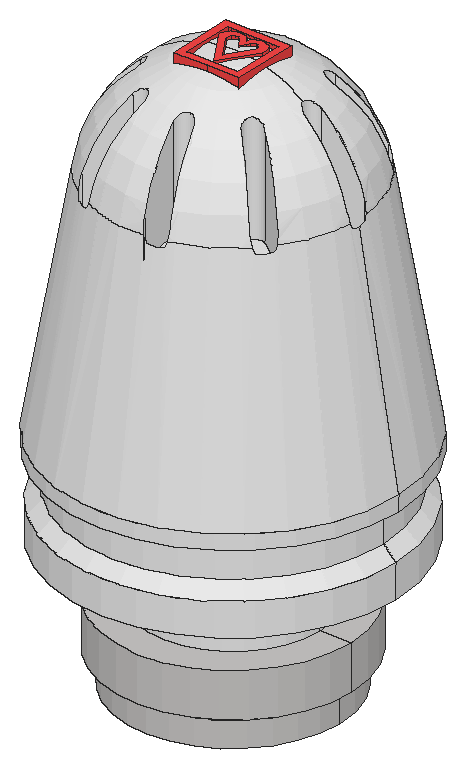
Revit family "HERZ-Thermostatkopf MINI Turbo M28x1.5 9200 16", category Rohrzubehör, Revit 2021
Family settings
  Bemaßung runder Anschluss = Durchmesser verwenden
  Teiletyp = Normal
  OmniClass-Nummer = 23.65.55.14
  OmniClass-Titel = Valves for Liquid Services
  Arbeitsebenenbasiert = Nein
  Immer vertikal = Nein
  Beim Laden mit Abzugskörper schneiden = Nein
  Gemeinsam genutzt = Nein
Parameters
  Vorgabe-Ansicht = 0 mm
  URL = "www.herz-armaturen.at"
  Thermostatkopf = "Kunststoff, weiß"  # constant formula
  Sollwertbereich = "6-28°C"  # constant formula
  S02 = 60 mm  # constant formula
  S01 = 73 mm  # constant formula
  Nullstellung = "Heizkörperthermostat mit Flüssigkeitsfühler (Hydrosensor) mit Stellung „0“, Frostsicherung einstellbar, mit Begrenzung und Blockierung des Sollwertbereiches."
  Hersteller = "HERZ Armaturen Ges.m.b.H."  # constant formula
  Funktionsweise = "Der HERZ-Thermostat dient als Fühl- und Regelelement. Durch die Volumsänderung der Flüssigkeitsfüllung im HERZ-Hydrosensor wird die Schubspindel des Ventils bewegt."
  Frostsicherung bei = 6 °C  # constant formula
  Sollwertbereich Frostsicherung = "6-28°C"  # constant formula
  Frostsicherung = "Heizkörperthermostat  mit  Flüssigkeitsfühler  (Hydrosensor)  mit  automatischer  Frostsicherung  und  Be-grenzung und Blockierung des Sollwertbereiches."
  Bestellnummer = 1920016  # constant formula
  Anwendungen = "Zur Montage auf Ventilen, die für thermostatischen Betrieb eingerichtet sind.Artikelnummern, Dimensionen und Lieferform der HERZ Ventile sind den jeweiligen Produktnormblättern zu entnehmen."
Reference planes
  plane 1 "Mitte (Vorne/hinten)": y = 0
  plane 2: z = 0
  plane 3 "Mitte (Links/rechts)": x = 0
Forms (mm)
  Revolve 1, solid, material "Kunststoff weiß", detail levels fine
    sketch origin (0, 0, 0) x (1, 0, 0) y (0, 0, 1)
      loop
        line (0, 0) -> (0, 73)
        arc (0, 73) -> (-11.397, 68.78) -> (-17.297, 58.156) r 17.5
        arc (-17.297, 58.156) -> (-20.011, 42.065) -> (-22.88, 26) r 1681.293
        line (-22.88, 26) -> (-22.88, 24) -> (-20.75, 24) -> (-20.75, 19.25) -> (-22.5, 17.5) -> (-22.5, 13) -> (-12.8, 13)
        arc (-12.8, 13) -> (-12.234, 12.766) -> (-12, 12.2) r 0.8
        line (-12, 12.2) -> (-12, 4.8) -> (-13.2, 4.8) -> (-13.2, 0) -> (0, 0)
      axis (0, 73) -> (0, 0)
    angle from 0 to 360
  Revolve 2, solid, material "Messing verzinkt", detail levels fine
    sketch origin (0, 0, 0) x (1, 0, 0) y (0, 0, 1)
      loop
        line (0, 0) -> (0, 5.5) -> (-16.35, 5.5) -> (-16.35, -0.576) -> (-14.75, -1.5) -> (-14.75, -5) -> (-13.35, -5) -> (-13.35, 0) -> (0, 0)
      axis (0, 5.5) -> (0, -5)
    angle from 0 to 360
  Extrusion 3, void
    sketch origin (0, 0, 0) x (1, 0, 0) y (0, 1, 0)
      loop
        arc (11.027, 1.298) -> (9.8, 0) -> (11.027, -1.298) r 1.3
        line (11.027, -1.298) -> (16.77, -1.62)
        arc (16.77, -1.62) -> (17.178, -1.485) -> (17.384, -1.107) r 0.586
        arc (17.384, -1.107) -> (17.453, 0.011) -> (17.382, 1.129) r 9
        arc (17.382, 1.129) -> (17.183, 1.492) -> (16.79, 1.621) r 0.564
        line (16.79, 1.621) -> (11.027, 1.298)
      loop
        line (9.282, 6.094) -> (13.904, 9.55)
        arc (13.904, 9.55) -> (14.121, 9.902) -> (14.04, 10.308) r 0.564
        arc (14.04, 10.308) -> (13.376, 11.21) -> (12.605, 12.023) r 9
        arc (12.605, 12.023) -> (12.205, 12.18) -> (11.805, 12.021) r 0.586
        line (11.805, 12.021) -> (7.613, 8.082)
        arc (7.613, 8.082) -> (7.507, 6.299) -> (9.282, 6.094) r 1.3
      loop
        arc (0.637, 11.085) -> (1.702, 9.651) -> (3.193, 10.634) r 1.3
        line (3.193, 10.634) -> (4.508, 16.234)
        arc (4.508, 16.234) -> (4.445, 16.659) -> (4.109, 16.928) r 0.586
        arc (4.109, 16.928) -> (3.02, 17.189) -> (1.907, 17.313) r 9
        arc (1.907, 17.313) -> (1.515, 17.181) -> (1.319, 16.816) r 0.564
        line (1.319, 16.816) -> (0.637, 11.085)
      loop
        line (-4.39, 10.199) -> (-6.991, 15.351)
        arc (-6.991, 15.351) -> (-7.3, 15.626) -> (-7.713, 15.617) r 0.564
        arc (-7.713, 15.617) -> (-8.717, 15.12) -> (-9.651, 14.501) r 9
        arc (-9.651, 14.501) -> (-9.875, 14.134) -> (-9.788, 13.713) r 0.586
        line (-9.788, 13.713) -> (-6.638, 8.901)
        arc (-6.638, 8.901) -> (-4.9, 8.487) -> (-4.39, 10.199) r 1.3
      loop
        arc (-10.806, 2.552) -> (-9.209, 3.352) -> (-9.918, 4.991) r 1.3
        line (-9.918, 4.991) -> (-15.204, 7.258)
        arc (-15.204, 7.258) -> (-15.634, 7.271) -> (-15.957, 6.986) r 0.586
        arc (-15.957, 6.986) -> (-16.404, 5.959) -> (-16.719, 4.884) r 9
        arc (-16.719, 4.884) -> (-16.657, 4.475) -> (-16.332, 4.219) r 0.564
        line (-16.332, 4.219) -> (-10.806, 2.552)
      loop
        line (-10.806, -2.552) -> (-16.332, -4.219)
        arc (-16.332, -4.219) -> (-16.657, -4.475) -> (-16.719, -4.884) r 0.564
        arc (-16.719, -4.884) -> (-16.404, -5.959) -> (-15.957, -6.986) r 9
        arc (-15.957, -6.986) -> (-15.634, -7.271) -> (-15.204, -7.258) r 0.586
        line (-15.204, -7.258) -> (-9.918, -4.991)
        arc (-9.918, -4.991) -> (-9.209, -3.352) -> (-10.806, -2.552) r 1.3
      loop
        arc (9.282, -6.094) -> (7.507, -6.299) -> (7.613, -8.082) r 1.3
        line (7.613, -8.082) -> (11.805, -12.021)
        arc (11.805, -12.021) -> (12.205, -12.18) -> (12.605, -12.023) r 0.586
        arc (12.605, -12.023) -> (13.376, -11.21) -> (14.04, -10.308) r 9
        arc (14.04, -10.308) -> (14.121, -9.902) -> (13.904, -9.55) r 0.564
        line (13.904, -9.55) -> (9.282, -6.094)
      loop
        line (0.637, -11.085) -> (1.319, -16.816)
        arc (1.319, -16.816) -> (1.515, -17.181) -> (1.907, -17.313) r 0.564
        arc (1.907, -17.313) -> (3.02, -17.189) -> (4.109, -16.928) r 9
        arc (4.109, -16.928) -> (4.445, -16.659) -> (4.508, -16.234) r 0.586
        line (4.508, -16.234) -> (3.193, -10.634)
        arc (3.193, -10.634) -> (1.702, -9.651) -> (0.637, -11.085) r 1.3
      loop
        arc (-4.39, -10.199) -> (-4.9, -8.487) -> (-6.638, -8.901) r 1.3
        line (-6.638, -8.901) -> (-9.788, -13.713)
        arc (-9.788, -13.713) -> (-9.875, -14.134) -> (-9.651, -14.501) r 0.586
        arc (-9.651, -14.501) -> (-8.717, -15.12) -> (-7.713, -15.617) r 9
        arc (-7.713, -15.617) -> (-7.3, -15.626) -> (-6.991, -15.351) r 0.564
        line (-6.991, -15.351) -> (-4.39, -10.199)
    from 55 to 73
Cuts and joins
  Extrusion 3 cuts Revolve 1
Lines and regions (mm)
  model lines, detail levels coarse+medium
    curve 1: line (0, 0, 0) -> (0, 0, 13)
    curve 2: line (0, -0.017, 0) -> (0, 13, 0)
    curve 3: circle (0, 0, 43) r 30 normal (0, -1, 0)
    curve 4: line (0, 0, 23) -> (0, 0, 63)
    curve 5: line (-17.5, 0, 63) -> (17.5, 0, 63)
    curve 6: circle (0, -0.017, 43) r 30 normal (1, 0, 0)
    curve 7: line (0, -0.017, 23) -> (0, -0.017, 63)
    curve 8: line (0, 17.483, 63) -> (0, -17.517, 63)
    curve 9: circle (0, 43, 0) r 30 normal (0, 0, 1)
    curve 10: line (0, 23, 0) -> (0, 63, 0)
    curve 11: line (-17.5, 63, 0) -> (17.5, 63, 0)
Dimensions and locks
  "S01": curve 3 to plane 2
  "S01": curve 6 to plane 2
  "S01": plane 1 "Mitte (Vorne/hinten)" to curve 9
  "S02": diameter of curve 3
  "S02": diameter of curve 6
  "S02": diameter of curve 9
  aligned and locked: level to plane 2
Automatic sketch dimensions
  Revolve 1 sketch curve to level = 0 mm
  Revolve 1 sketch curve to plane 3 "Mitte (Links/rechts)" = 0 mm  (x2)
  Revolve 1 sketch curve to plane 3 "Mitte (Links/rechts)" = 12 mm
  Revolve 1 sketch curve to Revolve 1 sketch curve = 0.8 mm
  Revolve 1 sketch curve to Revolve 1 sketch curve = 1.2 mm
  Revolve 1 sketch curve to Revolve 1 sketch curve = 7.95 mm
  Revolve 1 sketch curve to Revolve 1 sketch curve = 1.75 mm  (x2)
  Revolve 1 sketch curve to Revolve 1 sketch curve = 2.13 mm
  level to Revolve 1 sketch curve = 329.658 mm
  Revolve 1 sketch curve to plane 3 "Mitte (Links/rechts)" = 1676.524 mm
  level to Revolve 1 sketch curve = 4.8 mm
  Revolve 1 sketch curve to Revolve 1 sketch curve = 7.4 mm
  Revolve 1 sketch curve to Revolve 1 sketch curve = 4.5 mm
  Revolve 1 sketch curve to Revolve 1 sketch curve = 4.75 mm
  Revolve 1 sketch curve to Revolve 1 sketch curve = 2 mm
  Revolve 1 sketch curve to Revolve 1 sketch curve = 29.5 mm
  Revolve 1 sketch curve to Revolve 1 sketch curve = 17.5 mm
  Revolve 1 sketch curve to level = 366.045 mm
  Revolve 1 sketch curve to Revolve 1 sketch curve = 2141.315 mm
  Revolve 2 sketch curve to level = 0 mm
  Revolve 2 sketch curve to plane 3 "Mitte (Links/rechts)" = 0 mm  (x2)
  Revolve 2 sketch curve to level = 5 mm
  Revolve 2 sketch curve to plane 3 "Mitte (Links/rechts)" = 13.35 mm
  Revolve 2 sketch curve to Revolve 2 sketch curve = 1.4 mm
  Revolve 2 sketch curve to level = 0.576 mm
  Revolve 2 sketch curve to Revolve 2 sketch curve = 1.6 mm
  Revolve 2 sketch curve to level = 1.5 mm
  level to Revolve 2 sketch curve = 5.5 mm
  Revolve 2 sketch curve to Revolve 2 sketch curve = 361.045 mm
  Revolve 2 sketch curve to Revolve 2 sketch curve = 2208.815 mm
  plane 1 "Mitte (Vorne/hinten)" to Extrusion 3 sketch curve = 0 mm  (x2)
  Extrusion 3 sketch curve to plane 1 "Mitte (Vorne/hinten)" = 4.219 mm
  Extrusion 3 sketch curve to plane 3 "Mitte (Links/rechts)" = 16.332 mm
  plane 1 "Mitte (Vorne/hinten)" to Extrusion 3 sketch curve = 4.219 mm
  Extrusion 3 sketch curve to Extrusion 3 sketch curve = 0 mm  (x11)
  Extrusion 3 sketch curve to Extrusion 3 sketch curve = 0.163 mm  (x2)
  Extrusion 3 sketch curve to Extrusion 3 sketch curve = 0.734 mm  (x2)
  plane 1 "Mitte (Vorne/hinten)" to Extrusion 3 sketch curve = 7.258 mm
  Extrusion 3 sketch curve to Extrusion 3 sketch curve = 0.231 mm  (x2)
  Extrusion 3 sketch curve to plane 1 "Mitte (Vorne/hinten)" = 7.258 mm
  plane 1 "Mitte (Vorne/hinten)" to Extrusion 3 sketch curve = 2.552 mm
  Extrusion 3 sketch curve to Extrusion 3 sketch curve = 5.526 mm
  Extrusion 3 sketch curve to plane 1 "Mitte (Vorne/hinten)" = 2.552 mm
  Extrusion 3 sketch curve to Extrusion 3 sketch curve = 0.375 mm  (x2)
  Extrusion 3 sketch curve to Extrusion 3 sketch curve = 0.512 mm  (x2)
  Extrusion 3 sketch curve to Extrusion 3 sketch curve = 5.416 mm  (x2)
  Extrusion 3 sketch curve to Extrusion 3 sketch curve = 0.49 mm  (x2)
  Extrusion 3 sketch curve to Extrusion 3 sketch curve = 2.488 mm  (x2)
  Extrusion 3 sketch curve to Extrusion 3 sketch curve = 1.803 mm  (x2)
  Extrusion 3 sketch curve to Extrusion 3 sketch curve = 0.504 mm  (x2)
  Extrusion 3 sketch curve to Extrusion 3 sketch curve = 3.281 mm  (x2)
  Extrusion 3 sketch curve to Extrusion 3 sketch curve = 1.088 mm  (x2)
  Extrusion 3 sketch curve to Extrusion 3 sketch curve = 1.16 mm  (x2)
  Extrusion 3 sketch curve to Extrusion 3 sketch curve = 1.324 mm  (x2)
  plane 3 "Mitte (Links/rechts)" to Extrusion 3 sketch curve = 0.637 mm  (x2)
  plane 3 "Mitte (Links/rechts)" to Extrusion 3 sketch curve = 1.319 mm  (x2)
  plane 3 "Mitte (Links/rechts)" to Extrusion 3 sketch curve = 1.468 mm  (x2)
  Extrusion 3 sketch curve to Extrusion 3 sketch curve = 0.561 mm  (x2)
  Extrusion 3 sketch curve to Extrusion 3 sketch curve = 1.291 mm  (x2)
  Extrusion 3 sketch curve to Extrusion 3 sketch curve = 1.266 mm  (x2)
  Extrusion 3 sketch curve to Extrusion 3 sketch curve = 2.058 mm  (x2)
  Extrusion 3 sketch curve to Extrusion 3 sketch curve = 0.57 mm  (x2)
  Extrusion 3 sketch curve to Extrusion 3 sketch curve = 5.007 mm  (x2)
  Extrusion 3 sketch curve to Extrusion 3 sketch curve = 1.138 mm  (x2)
  Extrusion 3 sketch curve to Extrusion 3 sketch curve = 1.978 mm
  Extrusion 3 sketch curve to Extrusion 3 sketch curve = 0.89 mm  (x2)
  Extrusion 3 sketch curve to Extrusion 3 sketch curve = 0.779 mm  (x2)
  plane 1 "Mitte (Vorne/hinten)" to Extrusion 3 sketch curve = 1.298 mm
  Extrusion 3 sketch curve to Extrusion 3 sketch curve = 2.575 mm
  Extrusion 3 sketch curve to Extrusion 3 sketch curve = 0.073 mm
  Extrusion 3 sketch curve to Extrusion 3 sketch curve = 4.192 mm  (x2)
  Extrusion 3 sketch curve to Extrusion 3 sketch curve = 0.401 mm  (x2)
  Extrusion 3 sketch curve to Extrusion 3 sketch curve = 1.36 mm  (x2)
  Extrusion 3 sketch curve to Extrusion 3 sketch curve = 0.338 mm  (x2)
  plane 1 "Mitte (Vorne/hinten)" to Extrusion 3 sketch curve = 1.62 mm
  Extrusion 3 sketch curve to Extrusion 3 sketch curve = 5.743 mm
  Extrusion 3 sketch curve to plane 1 "Mitte (Vorne/hinten)" = 1.621 mm
  Extrusion 3 sketch curve to Extrusion 3 sketch curve = 0.02 mm
  Extrusion 3 sketch curve to Extrusion 3 sketch curve = 0.033 mm
  Extrusion 3 sketch curve to Extrusion 3 sketch curve = 0.032 mm
  plane 1 "Mitte (Vorne/hinten)" to Extrusion 3 sketch curve = 7.32 mm
  Extrusion 3 sketch curve to Extrusion 3 sketch curve = 6.784 mm
  Extrusion 3 sketch curve to Extrusion 3 sketch curve = 1.004 mm
  Extrusion 3 sketch curve to Extrusion 3 sketch curve = 1.581 mm  (x2)
  Extrusion 3 sketch curve to Extrusion 3 sketch curve = 1.468 mm
  Extrusion 3 sketch curve to Extrusion 3 sketch curve = 0.712 mm  (x2)
  Extrusion 3 sketch curve to Extrusion 3 sketch curve = 0.452 mm  (x2)
  Extrusion 3 sketch curve to Extrusion 3 sketch curve = 2.31 mm  (x2)
  Extrusion 3 sketch curve to Extrusion 3 sketch curve = 0.297 mm  (x2)
  Extrusion 3 sketch curve to Extrusion 3 sketch curve = 1.591 mm  (x2)
  Extrusion 3 sketch curve to Extrusion 3 sketch curve = 0.427 mm  (x2)
  Extrusion 3 sketch curve to Extrusion 3 sketch curve = 4.812 mm  (x2)
  Extrusion 3 sketch curve to Extrusion 3 sketch curve = 0.321 mm  (x2)
  Extrusion 3 sketch curve to Extrusion 3 sketch curve = 1.063 mm  (x2)
  Extrusion 3 sketch curve to Extrusion 3 sketch curve = 0.254 mm  (x2)
  Extrusion 3 sketch curve to Extrusion 3 sketch curve = 5.599 mm  (x2)
  Extrusion 3 sketch curve to Extrusion 3 sketch curve = 0.134 mm  (x2)
  Extrusion 3 sketch curve to Extrusion 3 sketch curve = 0.382 mm  (x2)
  Extrusion 3 sketch curve to Extrusion 3 sketch curve = 0.067 mm  (x2)
  Extrusion 3 sketch curve to Extrusion 3 sketch curve = 0.947 mm
  Extrusion 3 sketch curve to Extrusion 3 sketch curve = 0.539 mm  (x2)
  Extrusion 3 sketch curve to Extrusion 3 sketch curve = 1.702 mm
  Extrusion 3 sketch curve to Extrusion 3 sketch curve = 2.439 mm
  Extrusion 3 sketch curve to Extrusion 3 sketch curve = 0.54 mm  (x2)
  Extrusion 3 sketch curve to Extrusion 3 sketch curve = 0.905 mm
  Extrusion 3 sketch curve to Extrusion 3 sketch curve = 0.585 mm
  Extrusion 3 sketch curve to Extrusion 3 sketch curve = 0.564 mm
  Extrusion 3 sketch curve to Extrusion 3 sketch curve = 0.339 mm
  Extrusion 3 sketch curve to Extrusion 3 sketch curve = 1.245 mm
  Extrusion 3 sketch curve to plane 1 "Mitte (Vorne/hinten)" = 5.433 mm
  Extrusion 3 sketch curve to Extrusion 3 sketch curve = 0.661 mm
  Extrusion 3 sketch curve to Extrusion 3 sketch curve = 1.041 mm
  Extrusion 3 sketch curve to Extrusion 3 sketch curve = 4.429 mm
  Extrusion 3 sketch curve to Extrusion 3 sketch curve = 2.891 mm
  Extrusion 3 sketch curve to Extrusion 3 sketch curve = 3.456 mm
  Extrusion 3 sketch curve to plane 1 "Mitte (Vorne/hinten)" = 1.298 mm  (x2)
  plane 1 "Mitte (Vorne/hinten)" to curve 6 = 0.017 mm
  plane 1 "Mitte (Vorne/hinten)" to curve 7 = 0.017 mm
  curve 8 to curve 7 = 17.5 mm
  curve 8 to plane 1 "Mitte (Vorne/hinten)" = 17.483 mm
  curve 7 to curve 6 = 20 mm
  curve 6 to curve 8 = 20 mm
  curve 3 to plane 3 "Mitte (Links/rechts)" = 0 mm
  curve 4 to plane 3 "Mitte (Links/rechts)" = 0 mm
  curve 1 to plane 3 "Mitte (Links/rechts)" = 0 mm
  curve 1 to level = 0 mm
  curve 5 to curve 4 = 17.5 mm
  plane 3 "Mitte (Links/rechts)" to curve 5 = 17.5 mm
  curve 1 to curve 4 = 10 mm
  curve 3 to curve 5 = 20 mm
  curve 9 to plane 3 "Mitte (Links/rechts)" = 0 mm
  curve 10 to plane 3 "Mitte (Links/rechts)" = 0 mm
  curve 2 to plane 3 "Mitte (Links/rechts)" = 0 mm
  curve 11 to curve 10 = 17.5 mm
  plane 3 "Mitte (Links/rechts)" to curve 11 = 17.5 mm
  plane 1 "Mitte (Vorne/hinten)" to curve 2 = 0.017 mm
  curve 2 to curve 10 = 10 mm
  curve 9 to curve 11 = 20 mm
Nested families
  nested 1: "Herz-Logo" at (0, 0, 71.5), type "Herz-Logo", detail levels fine
Definition of nested family "Herz-Logo"
  Parameters (values of type "Herz-Logo")
    Default Elevation = 0 mm
  Reference planes
    plane 1 "Mitte (Vorne/hinten)": y = 0
    plane 2: z = 0
    plane 3 "Mitte (Links/rechts)": x = 0
  Forms (mm)
    Extrusion 1, solid
      sketch origin (0, 0, 0) x (1, 0, 0) y (0, 1, 0)
        loop
          line (-0.018, -4.517) -> (4.482, -4.517) -> (4.482, 4.483) -> (-4.518, 4.483) -> (-4.518, -4.517) -> (-0.018, -4.517)
        loop
          line (-0.05, -3.48) -> (3.482, -3.48) -> (3.482, 3.483) -> (-3.518, 3.483) -> (-3.518, -3.48) -> (-0.05, -3.48)
        loop
          arc (-0.018, 2.383) -> (-1.543, 3.287) -> (-3.067, 2.383) r 1.738
          arc (-3.067, 2.383) -> (-3.191, 1.899) -> (-3.067, 1.415) r 1.009
          line (-3.067, 1.415) -> (-0.018, -3.281) -> (3.032, 1.415)
          arc (3.032, 1.415) -> (3.156, 1.899) -> (3.032, 2.383) r 1.009
          arc (3.032, 2.383) -> (1.507, 3.287) -> (-0.018, 2.383) r 1.738
        loop
          arc (1.885, 1.272) -> (2.005, 1.675) -> (1.885, 2.079) r 0.74
          arc (1.885, 2.079) -> (1.265, 2.416) -> (0.644, 2.079) r 0.74
          line (0.644, 2.079) -> (-0.018, 0.97) -> (-0.679, 2.079)
          arc (-0.679, 2.079) -> (-1.3, 2.416) -> (-1.921, 2.079) r 0.74
          arc (-1.921, 2.079) -> (-2.04, 1.675) -> (-1.921, 1.272) r 0.74
          line (-1.921, 1.272) -> (-0.018, -1.658) -> (1.885, 1.272)
      from 0 to 1.5
  Dimensions and locks
    aligned and locked: level to plane 2
